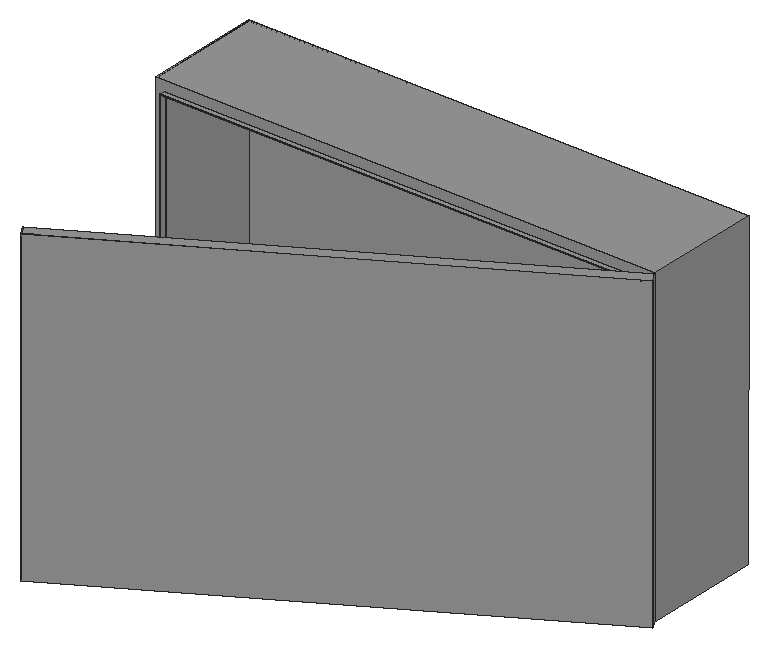
Revit family "Hager-Univers-IP54-D205-H500-Cl.I-Encl-NoHosted-CH-it", category Electrical Equipment, Revit 2020
Family settings
  Panel Configuration = Two Columns, Circuits Across
  Round Connector Dimension = Use Diameter
  Part Type = Panelboard
  Work Plane-Based = Yes
  Always vertical = Yes
  Cut with Voids When Loaded = No
  Shared = No
  Room Calculation Point = No
Parameters (values of type "A parete IP54 L800 A500 P205  - FP33TW2")
  Width Control [instance] = if([EF000008 - Larghezza] > Min Width, [EF000008 - Larghezza], Min Width)  # 800 mm
  Type Comments = [HG000003 - Gamma]  # "Univers"
  Thickness Door [instance] = if([EF009171 - spessore materiale porta/coperchio] > 3 mm, 3 mm, [EF009171 - spessore materiale porta/coperchio])  # 1 mm
  Seal Frame Offset [instance] = 17 mm  # constant formula
  Plinth Visibility [instance] = [HG000027 - Altezza dello zoccolo] > 0 mm  # no
  Min Width [instance] = 100 mm  # constant formula
  Min Depth [instance] = (2 * [EF009170 - spessore materiale scatola]) + 1 mm  # 3 mm
  Min Height [instance] = 100 mm  # constant formula
  Internal Frame Depth [instance] = (Door System Depth * 0.5)  # 9 mm
  Panel Name [instance] = ""  # (empty or 0)
  Model = ""
  HG000027 - Altezza dello zoccolo = 0 mm
  HG000026 - A pavimento = no
  HG000024 - Altezza della sezione inferiore = 600 mm
  HG000023 - Custodia a doppia sezione = no
  HG000016 - Visibilità delle porte nella vista 3D [instance] = yes
  HG000015 - Visibilità attraverso la porta [instance] = no
  HG000014 - Porta destra [instance] = yes
  HG000013 - Porta sinistra [instance] = not([HG000014 - Porta destra])  # no
  HG000012 - Angolo di apertura della porta [instance] = 30.00°
  HG000010 - Porte asimmetriche = no
  HG000009 - Porta doppia a battente = no
  HG000006 - Ad incasso = no
  HG000004 - Codice produttore = "FP33TW2"
  HG000003 - Gamma = "Univers"
  HG000002 - Con porta = yes
  Frame Offset Bottom [instance] = 10 mm  # constant formula
  Frame Offset [instance] = 15 mm  # constant formula
  EF015940 - Coprire con rilascio di sovrapressione = no
  EF011959 - tipo di protezione (NEMA) = ""
  EF009554 - numero delle aperture per la piastra della flangia = 6
  EF009212 - esecuzione coperchio = "EV000116 - chiuso"
  EF009171 - spessore materiale porta/coperchio = 1 mm
  EF009170 - spessore materiale scatola = 1 mm
  EF008873 - corrente nominale (In) = 250 A
  EF007800 - adatto per parafulmine = no
  EF006306 - con serratura = no
  EF006244 - coperchio/porta trasparente = no
  EF005474 - grado di protezione (IP) = "EV006419 - IP54"
  EF004464 - tipo di porta = "EV002646 - singolo"
  EF004427 - numero di moduli = 108
  EF004293 - resistenza agli urti = "EV006815 - IK09"
  EF003532 - adatto per uso esterno = no
  EF002950 - Numero moduli DIN = 36
  EF001613 - Integrità del circuito = "EV000494 - senza"
  EF001596 - Attacco Lampada = "EV000179 - acciaio"
  EF001131 - profondità interna = 205 mm
  EF001088 - possibilità di applicazione = yes
  EF000437 - numero di ingressi per conduttori = 6
  EF000339 - tipo di copertura = "EV001012 - coperchio"
  EF000266 - numero di file = 3
  EF000218 - profondità di incasso = 205 mm
  EF000118 - con piastra di montaggio = no
  EF000116 - numero RAL = "9010"
  EF000049 - profondità = 205 mm
  EF000040 - Altezza = 500 mm
  EF000008 - Larghezza = 800 mm
  EF000007 - colore = "EV000202 - bianco"
  EF000003 - Tipo di montaggio = "EV000384 - A parete"
  Door System Leaf Tolerance [instance] = 1.5 mm  # constant formula
  Door System Depth [instance] = 18 mm  # constant formula
  Door Height [instance] = Height Control - [HG000027 - Altezza dello zoccolo]  # 500 mm
  Description = ""
  Default Elevation = 1219.2 mm
  Connector Offset [instance] = Height Control / 2  # 250 mm
  Manufacturer = "Hager"  # constant formula
  Height Control [instance] = if([EF000040 - Altezza] > Min Height, [EF000040 - Altezza], Min Height)  # 500 mm
  Depth Control [instance] = if([EF000049 - profondità] > Min Depth, [EF000049 - profondità], Min Depth)  # 205 mm
  Bottom Top Plate Trim [instance] = 1.5 mm  # constant formula
  Plinth height Ctrl [instance] = if([HG000027 - Altezza dello zoccolo] > 0 mm, [HG000027 - Altezza dello zoccolo], 12 mm)  # 12 mm
Types (5, lengths in mm): name | Width Control | HG000004 - Codice produttore | EF009554 - numero delle aperture per la piastra della flangia | EF004464 - tipo di porta | EF004427 - numero di moduli | EF002950 - Numero moduli DIN | EF000437 - numero di ingressi per conduttori | EF000008 - Larghezza
  A parete IP54 L1050 A500 P205  - FP34TW2 | 1050 | "FP34TW2" | 8 | "EV003602 - doppio" | 144 | 48 | 8 | 1050
  A parete IP54 L1300 A500 P205  - FP35TW2 | 1300 | "FP35TW2" | 10 | "EV003602 - doppio" | 180 | 60 | 10 | 1300
  A parete IP54 L300 A500 P205  - FP31TW2 | 300 | "FP31TW2" | 2 | "EV002646 - singolo" | 36 | 12 | 2 | 300
  A parete IP54 L550 A500 P205  - FP32TW2 | 550 | "FP32TW2" | 4 | "EV002646 - singolo" | 72 | 24 | 4 | 550
  A parete IP54 L800 A500 P205  - FP33TW2 | 800 | "FP33TW2" | 6 | "EV002646 - singolo" | 108 | 36 | 6 | 800
Reference planes
  plane 1 "Center (Front/Back)": y = 0
  plane 2: z = 0
  plane 3 "Center (Left/Right)": x = 0
  plane 4: y = 0
  plane 5: y = 0
  plane 6: z = 0
  plane 7: x = -400
  plane 8: x = 400
  plane 9: x = 399
  plane 10: x = -399
  plane 11: z = 0
  plane 12: z = 1
  plane 13: y = -205
  plane 14: y = -1
  plane 15: x = 0
  plane 16: y = -187
  plane 17: y = -204
  plane 18: y = -186
  plane 19: x = -384
  plane 20: x = 384
  plane 21: z = 11
  plane 22: x = -383
  plane 23: x = 383
  plane 24: z = 0
  plane 25: z = 500
  plane 26: z = 500
  plane 27: z = 484
  plane 28: z = 499
Forms (mm)
  Extrusion 1, solid, material "Hager_Steel_RAL7035_Light_Grey", detail levels medium+fine
    sketch origin (-208.679, -4572, 0) x (-1, 0, 0) y (0, -1, 0)
      loop
        line (191.321, -4385) -> (-608.679, -4385) -> (-608.679, -4572) -> (191.321, -4572) -> (191.321, -4385)
    from 0 to 500
  Extrusion 2, void
    sketch origin (-350.771, -205, 1219.2) x (1, 0, 0) y (0, 0, 1)
      loop
        line (-48.229, -720.2) -> (-48.229, -1218.2) -> (749.771, -1218.2) -> (749.771, -720.2) -> (-48.229, -720.2)
    from -19 to -204
  Extrusion 3, void
    sketch origin (-290.084, -187, 1219.2) x (1, 0, 0) y (0, 0, 1)
      loop
        line (-93.916, -1208.2) -> (674.084, -1208.2) -> (674.084, -735.2) -> (-93.916, -735.2) -> (-93.916, -1208.2)
    from 0 to -1
  Extrusion 4, solid, material "Hager_Steel_RAL7035_Light_Grey", visible <- "Plinth Visibility", detail levels medium+fine
    sketch origin (0, 0, 0) x (1, 0, 0) y (0, 1, 0)
      loop
        line (-400, 0) -> (-400, -187) -> (400, -187) -> (400, 0) -> (-400, 0)
    from 0 to 12 <- "Plinth height Ctrl"
  Extrusion 5, solid, material "Hager_Steel_RAL7035_Light_Grey", detail levels coarse
    sketch origin (0, 0, 0) x (1, 0, 0) y (0, 1, 0)
      loop
        line (-400, 0) -> (-400, -205) -> (400, -205) -> (400, 0) -> (-400, 0)
    from 0 to 500 <- "Height Control"
  Sweep 6, void
    path in 3D
      loop
        line (-400, -187, 12) -> (400, -187, 12) -> (400, 0, 12) -> (-400, 0, 12) -> (-400, -187, 12)
    profile origin (-400, -93.5, 12) x (1, 0, 0) y (0, 0, 1)
      loop
        line (0, 0) -> (0, -1.5) -> (1.5, -1.5)
        arc (1.5, -1.5) -> (1.061, -0.439) -> (0, 0) r 1.5
  Extrusion 7, solid, material "Hager_Steel_RAL7035_Light_Grey", detail levels fine
    sketch origin (-400, -187, 0) x (1, 0, 0) y (0, 0, 1)
      loop
        line (16, 11) -> (784, 11) -> (784, 484) -> (16, 484) -> (16, 11)
      loop
        line (15, 10) -> (785, 10) -> (785, 485) -> (15, 485) -> (15, 10)
    from 0 to 9 <- "Internal Frame Depth"
Cuts and joins
  Extrusion 2, Extrusion 3 cuts Extrusion 1
  Sweep 6 cuts Extrusion 4
Lines and regions (mm)
  Masking region 1
    outline origin (0, 0, 0) x (1, 0, 0) y (0, 1, 0)
      loop
        line (-400, 0) -> (-400, -205) -> (400, -205) -> (400, 0) -> (-400, 0)
  Masking region 2, detail levels coarse
    outline origin (-290.084, -187, 1219.2) x (-1, 0, 0) y (0, 0, 1)
      loop
        line (-690.084, -1219.2) -> (109.916, -1219.2) -> (109.916, -719.2) -> (-690.084, -719.2) -> (-690.084, -1219.2)
  Masking region 3, detail levels coarse
    outline origin (0, 0, 0) x (0, 1, 0) y (0, 0, 1)
      loop
        line (0, 0) -> (0, 500) -> (-205, 500) -> (-205, 0) -> (0, 0)
  Masking region 4, visible <- "Plinth Visibility", detail levels medium+fine
    outline origin (0, 0, 0) x (0, 1, 0) y (0, 0, 1)
      loop
        line (-1.5, 12) -> (-185.5, 12)
        arc (-185.5, 12) -> (-185.939, 10.939) -> (-187, 10.5) r 1.5
        line (-187, 10.5) -> (-187, 0) -> (0, 0) -> (0, 10.5)
        arc (0, 10.5) -> (-1.061, 10.939) -> (-1.5, 12) r 1.5
  Masking region 5, detail levels medium+fine
    outline origin (0, 0, 594.038) x (0, 1, 0) y (0, 0, 1)
      loop
        line (0, -594.038) -> (0, -94.038) -> (-187, -94.038) -> (-187, -594.038) -> (0, -594.038)
  Masking region 6, detail levels medium+fine
    outline origin (-359.7, -187, 1211.883) x (-1, 0, 0) y (0, 0, 1)
      loop
        line (-759.7, -1211.883) -> (40.3, -1211.883) -> (40.3, -711.883) -> (-759.7, -711.883) -> (-759.7, -1211.883)
  Masking region 7, visible <- "Plinth Visibility", detail levels medium+fine
    outline origin (-320.334, -187, 1041.368) x (-1, 0, 0) y (0, 0, 1)
      loop
        line (-720.334, -1041.368) -> (79.666, -1041.368) -> (79.666, -1030.868)
        arc (79.666, -1030.868) -> (78.606, -1030.429) -> (78.166, -1029.368) r 1.5
        line (78.166, -1029.368) -> (-718.834, -1029.368)
        arc (-718.834, -1029.368) -> (-719.273, -1030.429) -> (-720.334, -1030.868) r 1.5
        line (-720.334, -1030.868) -> (-720.334, -1041.368)
  sketch lines
    curve 1: line (-400, 0, 12) -> (-400, -187, 12)
    curve 2: line (-400, -187, 12) -> (400, -187, 12)
    curve 3: line (400, 0, 12) -> (-400, 0, 12)
    curve 4: line (400, -187, 12) -> (400, 0, 12)
Dimensions and locks
  locked: plane 1 "Center (Front/Back)" to plane 5
  "EF009170 - spessore materiale scatola": plane 7 to plane 10
  "EF009170 - spessore materiale scatola": plane 8 to plane 9
  equal spacing: plane 7, plane 3 "Center (Left/Right)", plane 8
  "Width Control": plane 7 to plane 8
  "Depth Control": plane 4 to plane 13
  "EF009170 - spessore materiale scatola": plane 4 to plane 14
  "Height Control": plane 25 to level
  "HG000027 - Altezza dello zoccolo": plane 11 to level
  "EF009170 - spessore materiale scatola": plane 12 to plane 11
  "EF009170 - spessore materiale scatola": plane 17 to plane 13
  "EF009170 - spessore materiale scatola": plane 18 to plane 16
  "Frame Offset Bottom": plane 21 to plane 12
  "Frame Offset": plane 10 to plane 19
  "Frame Offset": plane 9 to plane 20
  "Door System Depth": plane 16 to plane 13
  "Seal Frame Offset": plane 7 to plane 22
  "Seal Frame Offset": plane 8 to plane 23
  "EF009170 - spessore materiale scatola": plane 26 to plane 28
  "Frame Offset": plane 28 to plane 27
  "Connector Offset": plane 2 to connector elem
  "Bottom Top Plate Trim": profile plane to Sweep 6 sketch curve
  "Bottom Top Plate Trim": Sweep 6 sketch curve to Sweep 6 sketch curve
  "Plinth height Ctrl": Masking region 4 sketch curve to level
  "Plinth height Ctrl": Masking region 7 sketch curve to level
  "Thickness Door": Extrusion 7 sketch curve to Extrusion 7 sketch curve  (x4)
  "Bottom Top Plate Trim": radius of Sweep 6 sketch curve
  "Bottom Top Plate Trim": radius of Masking region 4 sketch curve  (x2)
  "Bottom Top Plate Trim": radius of Masking region 7 sketch curve  (x2)
  aligned and locked: Extrusion 2 sketch curve to plane 12
  aligned and locked: Extrusion 2 sketch curve to plane 9
  aligned and locked: Extrusion 2 sketch curve to plane 10
  aligned and locked: Extrusion 2 to plane 14
  aligned and locked: Extrusion 1 sketch curve to plane 4
  aligned and locked: plane 8 to Extrusion 1 sketch curve
  aligned and locked: plane 7 to Extrusion 1 sketch curve
  aligned and locked: Extrusion 2 to plane 18
  aligned and locked: plane 19 to Extrusion 3 sketch curve
  aligned and locked: plane 20 to Extrusion 3 sketch curve
  aligned and locked: Extrusion 3 to Extrusion 2
  aligned and locked: Extrusion 3 sketch curve to plane 21
  aligned and locked: plane 3 "Center (Left/Right)" to nested 1
  aligned and locked: Extrusion 1 sketch curve to plane 16
  aligned and locked: Extrusion 4 sketch curve to cut or joined group of Extrusion 1, Extrusion 2, Extrusion 3
  aligned and locked: Masking region 1 sketch curve to plane 7
  aligned and locked: Masking region 1 sketch curve to plane 5
  aligned and locked: Masking region 1 sketch curve to plane 8
  aligned and locked: Masking region 2 sketch curve to level
  aligned and locked: level to Masking region 3 sketch curve
  aligned and locked: plane 1 "Center (Front/Back)" to Masking region 3 sketch curve
  aligned and locked: plane 13 to Masking region 3 sketch curve
  aligned and locked: plane 5 to Masking region 4 sketch curve
  aligned and locked: Masking region 2 sketch curve to plane 8
  aligned and locked: Masking region 2 sketch curve to plane 7
  aligned and locked: plane 7 to nested 2
  aligned and locked: nested 2 to plane 5
  aligned and locked: plane 5 to Masking region 5 sketch curve
  aligned and locked: plane 26 to Masking region 5 sketch curve
  aligned and locked: Extrusion 5 sketch curve to plane 8
  aligned and locked: Extrusion 5 sketch curve to plane 7
  aligned and locked: Extrusion 5 sketch curve to plane 5
  aligned and locked: Extrusion 3 sketch curve to plane 27
  aligned and locked: Extrusion 2 sketch curve to plane 28
  aligned and locked: Masking region 2 to plane 25
  aligned and locked: Extrusion 4 to plane 16
  aligned and locked: profile plane to Sweep 6 sketch curve
  aligned and locked: Masking region 5 sketch curve to plane 24
  aligned and locked: level to Masking region 4 sketch curve
  aligned and locked: Masking region 1 to plane 13
  aligned and locked: nested 1 to plane 16
  aligned and locked: Masking region 3 to plane 25
  aligned and locked: plane 16 to Masking region 4 sketch curve
  aligned and locked: Masking region 5 sketch curve to plane 16
  aligned and locked: plane 24 to plane 11
  aligned and locked: plane 26 to plane 25
  aligned and locked: plane 26 to cut or joined group of Extrusion 1, Extrusion 2, Extrusion 3
  aligned and locked: nested 1 to plane 24
  aligned and locked: Extrusion 1 to Extrusion 3
  aligned and locked: Masking region 6 sketch curve to plane 8
  aligned and locked: Masking region 6 sketch curve to plane 24
  aligned and locked: Masking region 6 sketch curve to plane 7
  aligned and locked: Masking region 6 sketch curve to plane 26
  aligned and locked: Masking region 7 sketch curve to plane 7
  aligned and locked: level to Masking region 7 sketch curve
  aligned and locked: Masking region 7 sketch curve to plane 8
  aligned and locked: Extrusion 7 sketch curve to cut or joined group of Extrusion 1, Extrusion 2, Extrusion 3  (x4)
Automatic sketch dimensions
  plane 19 to Extrusion 3 sketch curve = 0 mm
  Extrusion 3 sketch curve to plane 20 = 0 mm
  Extrusion 3 sketch curve to plane 21 = 0 mm
  Extrusion 4 sketch curve to plane 7 = 0 mm
  Extrusion 4 sketch curve to plane 8 = 0 mm
  Extrusion 4 sketch curve to plane 16 = 0 mm
  Masking region 1 sketch curve to plane 13 = 0 mm
  Masking region 2 sketch curve to plane 25 = 0 mm
  Masking region 3 sketch curve to plane 25 = 0 mm
  Extrusion 5 sketch curve to plane 13 = 0 mm
  profile plane to Sweep 6 sketch curve = 0 mm
Nested families
  nested 1: "EC000058_Univers_Door" at (0, -187, 0), Double <- "HG000009 - Porta doppia a battente", Transparent <- "EF006244 - coperchio/porta trasparente", Angle <- "HG000012 - Angolo di apertura della porta", Door_Right <- "HG000014 - Porta destra", Assymetrical <- "HG000010 - Porte asimmetriche", Door <- "HG000002 - Con porta", Width_Ctrl <- "Width Control", 3d_Door <- "HG000016 - Visibilità delle porte nella vista 3D", Clearance <- "HG000015 - Visibilità attraverso la porta", Door_Left <- "HG000013 - Porta sinistra", Width <- "Width Control", Door_Depth <- "Door System Depth", Leaf_Tolerance <- "Door System Leaf Tolerance", Height <- "Door Height", Lock_Visibility <- "EF006306 - con serratura", Thickness <- "Thickness Door", type "EC000058_Univers_Door", detail levels medium+fine
    with min_wh 3 mm, Width_Ctrl 800 mm, Width 800 mm, Transparent no, Thickness 1 mm, Seal_Material Hager_Rubber, Lock_Visibility no, Lock_Material Hager_Plastic_RAL9005_Jet_Black, Leaf_Width 800 mm, Leaf_Tolerance_External_Sides 0 mm, Leaf_Tolerance 1.5 mm, Leaf_Offset 0 mm, Leaf_Height 497 mm, Leaf_2_Width 800 mm, Leaf_2_Offset 400 mm, Leaf_1_Width 800 mm, Leaf_1_Offset 400 mm, Height_Ctrl 500 mm, Height 500 mm, Glass_Material Hager_Glass, Double_Clearance_Ctrl no, Double no, Door_Right_Ctrl yes, Door_Right yes, Door_Material Hager_Steel_RAL7035_Light_Grey, Door_Left_Ctrl no, Door_Left no, Door_Depth 18 mm, Door yes, Clearance_Material Hager_Clearance, Clearance_Depth 800 mm, Clearance_Ctrl no, Clearance no, Assymetrical no, Angle 30.00°, 3d_Door yes
  nested 2: "Hager_Enclosure_Symbol" at (-400, 0, 0), Height <- "Depth Control", Width <- "Width Control", type "Hager_Enclosure_Symbol"
    with Width_Ctrl 800 mm, Width 800 mm, Height_Ctrl 205 mm, Height 205 mm, A_Width_Int 13.453 mm, A_Width 161.438 mm, A_Height_Ctrl 179.375 mm, A_Height 179.375 mm
Connectors
  electrical at (0, 0, 250)
    settings: on plane 1 "Center (Front/Back)", index 1, voltage 0 V, apparent load 0 VA, apparent load phase1 0 VA, apparent load phase2 0 VA, apparent load phase3 0 VA, power factor 1, load classification "Other", number of poles 1, system type 30, power factor state 1, is connector primary yes, connector utility no, sub classification motor no, connector description ""
Definition of nested family "EC000058_Univers_Door"
  Parameters (values of type "EC000058_Univers_Door")
    min_wh [instance] = (2 * Thickness) + 1 mm  # 11 mm
    Width_Ctrl [instance] = 400 mm
    Width [instance] = 500 mm
    Transparent [instance] = yes
    Thickness [instance] = 5 mm
    Seal_Material [instance] = none
    Lock_Visibility [instance] = yes
    Lock_Material [instance] = none
    Leaf_Width [instance] = if((Width_Ctrl - 2 * Leaf_Tolerance_External_Sides) > 0 mm, (Width_Ctrl - 2 * Leaf_Tolerance_External_Sides), min_wh)  # 400 mm
    Leaf_Tolerance_External_Sides [instance] = 0 mm  # constant formula
    Leaf_Tolerance [instance] = 1.5 mm
    Leaf_Offset [instance] = 0 mm  # constant formula
    Leaf_Height [instance] = if((Height_Ctrl - 2 * Leaf_Tolerance) > 0 mm, (Height_Ctrl - 2 * Leaf_Tolerance), min_wh)  # 497 mm
    Leaf_2_Width [instance] = if(and(and(Double, Assymetrical), Door_Left), (Leaf_Width / 3) - (Leaf_Tolerance / 2), if(and(and(Double, Assymetrical), Door_Right), (Leaf_Width / 3) * 2 - (Leaf_Tolerance / 2), if(and(Double, not(Assymetrical)), (Leaf_Width / 2) - Leaf_Tolerance, Leaf_Width)))  # 400 mm
    Leaf_2_Offset [instance] = if(and(Double, Assymetrical), Leaf_2_Width / 2, if(and(Double, not(Assymetrical)), Leaf_Width / 4, Leaf_Width / 2))  # 200 mm
    Leaf_1_Width [instance] = if(and(and(Double, Assymetrical), Door_Right), (Leaf_Width / 3) - (Leaf_Tolerance / 2), if(and(and(Double, Assymetrical), Door_Left), (Width / 3) * 2 - (Leaf_Tolerance / 2), if(and(Double, not(Assymetrical)), (Leaf_Width / 2) - Leaf_Tolerance, Leaf_Width)))  # 400 mm
    Leaf_1_Offset [instance] = if(and(Double, Assymetrical), Leaf_1_Width / 2, if(and(Double, not(Assymetrical)), Leaf_Width / 4, Leaf_Width / 2))  # 200 mm
    Height_Ctrl [instance] = if(Height > min_wh, Height, min_wh)  # 500 mm
    Height [instance] = 500 mm
    Glass_Material [instance] = none
    Double_Clearance_Ctrl [instance] = and(Double, Clearance)  # no
    Double [instance] = no
    Door_Right_Ctrl [instance] = and(or(Door_Right, Double), Door)  # yes
    Door_Right [instance] = yes
    Door_Material [instance] = none
    Door_Left_Ctrl [instance] = and(or(Door_Left, Double), Door)  # no
    Door_Left [instance] = no
    Door_Depth [instance] = 30 mm
    Door [instance] = yes
    Default Elevation = 1219.2 mm
    Clearance_Material [instance] = none
    Clearance_Depth [instance] = if(Leaf_1_Width > Leaf_2_Width, Leaf_1_Width, Leaf_2_Width)  # 400 mm
    Clearance_Ctrl [instance] = and(not(Double), Clearance)  # yes
    Clearance [instance] = yes
    Assymetrical [instance] = yes
    Angle [instance] = 30.00°
    3d_Door [instance] = yes
  Reference planes
    plane 1 "Center (Front/Back)": y = 0
    plane 2 "Bottom": z = 0
    plane 3 "Center (Left/Right)": x = 0
    plane 4: z = 500
    plane 5: x = -200
    plane 6: x = 200
    plane 7: z = 500
    plane 8: x = -200
    plane 9: z = 0
    plane 10: x = 200
    plane 11: y = 0
    plane 12: z = 1.5
    plane 13: x = -600
    plane 14: y = -400
    plane 15: x = 600
    plane 16: x = 0
    plane 17: x = 0
    plane 18: x = -200
    plane 19: x = 200
    plane 20: z = 498.5
  Forms (mm)
    Extrusion 1, solid, material <- "Clearance_Material", visible <- "Double_Clearance_Ctrl"
      sketch origin (1200, 0, 0) x (1, 0, 0) y (0, 0, -1)
        loop
          line (-1800, -498.5) -> (-600, -498.5) -> (-600, 0) -> (-1800, 0) -> (-1800, -498.5)
      from 0 to -400
  Dimensions and locks
    equal spacing: plane 5, plane 3 "Center (Left/Right)", plane 6
    "Width_Ctrl": plane 5 to plane 6
    "Leaf_Offset": plane 5 to plane 8
    "Leaf_Offset": plane 6 to plane 10
    "Leaf_Offset": plane 9 to level
    "Leaf_Offset": plane 4 to plane 7
    "Height_Ctrl": plane 4 to level
    "Leaf_Tolerance": plane 12 to plane 9
    locked: plane 11 to plane 1 "Center (Front/Back)"
    "Leaf_1_Offset": plane 18 to plane 16
    "Leaf_2_Offset": plane 17 to plane 19
    "Leaf_1_Width": plane 13 to plane 8
    "Leaf_2_Width": plane 10 to plane 15
    "Clearance_Depth": plane 14 to plane 1 "Center (Front/Back)"
    "Leaf_Tolerance_External_Sides": plane 8 to plane 18
    "Leaf_Tolerance_External_Sides": plane 19 to plane 10
    "Leaf_Tolerance": plane 7 to plane 20
    aligned and locked: level to plane 2 "Bottom"
    aligned and locked: nested 1 to plane 16
    aligned and locked: nested 2 to plane 17
    aligned and locked: Extrusion 1 to plane 13
    aligned and locked: plane 15 to Extrusion 1
    aligned and locked: Extrusion 1 to plane 14
    aligned and locked: plane 12 to nested 1
    aligned and locked: nested 2 to plane 12
    aligned and locked: Extrusion 1 to plane 11
    aligned and locked: plane 20 to Extrusion 1
    aligned and locked: nested 2 to plane 11
    aligned and locked: nested 1 to plane 11
  Automatic sketch dimensions
    Extrusion 1 sketch curve to level = 0 mm
    plane 5 to Extrusion 1 sketch curve = 400 mm
    plane 6 to Extrusion 1 sketch curve = 400 mm
    Extrusion 1 sketch curve to plane 4 = 1.5 mm
  Nested families
    nested 1: "EC000058_Univers_Door_Leaf" at (0, 0, 1.5), Width <- "Leaf_1_Width", visible <- "Door_Left_Ctrl", Leaf_Height <- "Leaf_Height", Angle <- "Angle", 3d_Door <- "3d_Door", Transparent <- "Transparent", Clearance Material <- "Clearance_Material", Clearance <- "Clearance_Ctrl", Door_Material <- "Door_Material", Glass_Material <- "Glass_Material", Door_Depth <- "Door_Depth", Lock_Material <- "Lock_Material", Seal_Material <- "Seal_Material", Lock_Visibility <- "Lock_Visibility", Thickness <- "Thickness", type "EC000058_Univers_Door_Leaf"
      with Width 400 mm, Transparent_Glass_Offset 30 mm, Transparent_Ctrl yes, Transparent yes, Thickness 5 mm, Standard no, Seal_Material none, Seal_D2 8 mm, Seal_D1 1 mm, Offset_Internal_Frame 10 mm, Lock_Width 20 mm, Lock_Visibility_3d yes, Lock_Visibility yes, Lock_Thickness_3 3 mm, Lock_Thickness_2 1 mm, Lock_Thickness_1 3 mm, Lock_Radius_Offset_2 16 mm, Lock_Radius_Offset_1 15 mm, Lock_Radius_2 5 mm, Lock_Radius 6 mm, Lock_Offset 5 mm, Lock_Material none, Lock_Height 80 mm, Lock_Cover_Top_Offset_2d 17 mm, Lock_Cover_Height -65 mm, Leaf_Height 497 mm, Internal_Seal_Thickness 8 mm, Internal_Seal_Depth_2 4.5 mm, Internal_Frame_Depth 25 mm, Glass_Thickness -1 mm, Glass_Offset -2 mm, Glass_Material none, Door_Material none, Door_Depth 30 mm, Clearance Material none, Clearance yes, Angle_Ctrl 30.00°, Angle 30.00°, 3d_Door yes
    nested 2: "EC000058_Univers_Door_Leaf" at (0, 0, 1.5) x (-1, 0, 0) z (0, 0, 1), Width <- "Leaf_2_Width", visible <- "Door_Right_Ctrl", Leaf_Height <- "Leaf_Height", Angle <- "Angle", 3d_Door <- "3d_Door", Transparent <- "Transparent", Clearance Material <- "Clearance_Material", Clearance <- "Clearance_Ctrl", Door_Material <- "Door_Material", Glass_Material <- "Glass_Material", Door_Depth <- "Door_Depth", Lock_Material <- "Lock_Material", Seal_Material <- "Seal_Material", Lock_Visibility <- "Lock_Visibility", Thickness <- "Thickness", type "EC000058_Univers_Door_Leaf"
      with Width 400 mm, Transparent_Glass_Offset 30 mm, Transparent_Ctrl yes, Transparent yes, Thickness 5 mm, Standard no, Seal_Material none, Seal_D2 8 mm, Seal_D1 1 mm, Offset_Internal_Frame 10 mm, Lock_Width 20 mm, Lock_Visibility_3d yes, Lock_Visibility yes, Lock_Thickness_3 3 mm, Lock_Thickness_2 1 mm, Lock_Thickness_1 3 mm, Lock_Radius_Offset_2 16 mm, Lock_Radius_Offset_1 15 mm, Lock_Radius_2 5 mm, Lock_Radius 6 mm, Lock_Offset 5 mm, Lock_Material none, Lock_Height 80 mm, Lock_Cover_Top_Offset_2d 17 mm, Lock_Cover_Height -65 mm, Leaf_Height 497 mm, Internal_Seal_Thickness 8 mm, Internal_Seal_Depth_2 4.5 mm, Internal_Frame_Depth 25 mm, Glass_Thickness -1 mm, Glass_Offset -2 mm, Glass_Material none, Door_Material none, Door_Depth 30 mm, Clearance Material none, Clearance yes, Angle_Ctrl 30.00°, Angle 30.00°, 3d_Door yes
  Definition of nested family "EC000058_Univers_Door_Leaf"
    Parameters (values of type "EC000058_Univers_Door_Leaf")
      Width [instance] = 2000 mm
      Transparent_Glass_Offset [instance] = 30 mm
      Transparent_Ctrl [instance] = and(Transparent, [3d_Door])  # yes
      Transparent [instance] = yes
      Thickness [instance] = 5 mm
      Standard [instance] = and(not(Transparent), [3d_Door])  # no
      Seal_Material [instance] = none
      Seal_D2 [instance] = 8 mm  # constant formula
      Seal_D1 [instance] = 1 mm  # constant formula
      Offset_Internal_Frame [instance] = 10 mm  # constant formula
      Lock_Width [instance] = 20 mm  # constant formula
      Lock_Visibility_3d [instance] = and(Lock_Visibility, [3d_Door])  # yes
      Lock_Visibility [instance] = yes
      Lock_Thickness_3 [instance] = 3 mm  # constant formula
      Lock_Thickness_2 [instance] = 1 mm  # constant formula
      Lock_Thickness_1 [instance] = 3 mm  # constant formula
      Lock_Radius_Offset_2 [instance] = Lock_Radius_Offset_1 + 1 mm  # 16 mm
      Lock_Radius_Offset_1 [instance] = 15 mm  # constant formula
      Lock_Radius_2 [instance] = Lock_Radius - 1 mm  # 5 mm
      Lock_Radius [instance] = 6 mm  # constant formula
      Lock_Offset [instance] = 5 mm  # constant formula
      Lock_Material [instance] = none
      Lock_Height [instance] = 80 mm  # constant formula
      Lock_Cover_Top_Offset_2d [instance] = Lock_Radius_Offset_2 + 1 mm  # 17 mm
      Lock_Cover_Height [instance] = -(Lock_Height - Lock_Radius_Offset_1)  # -65 mm
      Leaf_Height [instance] = 2720.336 mm
      Internal_Seal_Thickness [instance] = 8 mm  # constant formula
      Internal_Seal_Depth_2 [instance] = 4.5 mm  # constant formula
      Internal_Frame_Depth [instance] = if(Door_Depth - Thickness > 5 mm, Door_Depth - Thickness, 5 mm)  # 25 mm
      Glass_Thickness [instance] = if(Thickness > 15 mm, Glass_Offset + 10 mm, -1 mm)  # -1 mm
      Glass_Offset [instance] = if(Thickness > 15 mm, -(Thickness + 10 mm) / 2, -2 mm)  # -2 mm
      Glass_Material [instance] = none
      Door_Material [instance] = none
      Door_Depth [instance] = 30 mm
      Default Elevation = 0 mm
      Clearance Material [instance] = none
      Clearance [instance] = yes
      Angle_Ctrl [instance] = if(Angle > 180.00°, 180.00°, Angle)  # 90.00°
      Angle [instance] = 90.00°
      3d_Door [instance] = yes
    Reference planes
      plane 1 "Center (Front/Back)": y = 0
      plane 2: z = 0
      plane 3 "Center (Left/Right)": x = 0
      plane 4: y = 2000
      plane 5: x = -1000
      plane 6: x = 1000
      plane 7: x = -3000
      plane 8: z = 2720.336
      plane 9: z = 30
      plane 10: z = 2690.336
      plane 11: x = 970
      plane 12: x = -970
      plane 13: y = -3
      plane 14: z = 107.833
      plane 15: y = -5
      plane 16: y = -223.314
      plane 17: x = -1000
      plane 18: z = 1360.168
      plane 19: y = 30
    Forms (mm)
      Extrusion 1, solid, material <- "Clearance Material", visible <- "Clearance"
        sketch origin (0, 0, 0) x (1, 0, 0) y (0, 0, 1)
          loop
            line (-3000, 2720.336) -> (-3000, 0) -> (1000, 0) -> (1000, 2720.336) -> (-3000, 2720.336)
        from 0 to -2000
      Extrusion 2, solid, material <- "Door_Material", visible <- "Standard", detail levels medium+fine
        sketch origin (-1000, 0, 0) x (0, 1, 0) y (-1, 0, 0)
          loop
            line (0, 30) -> (0, 25) -> (2000, 25) -> (2000, 30) -> (0, 30)
        from 0 to 2720.336 <- "Leaf_Height"
      Extrusion 3, solid, material <- "Door_Material", visible <- "Transparent_Ctrl", detail levels medium+fine
        sketch origin (-1000, 0, 0) x (0, 1, 0) y (-1, 0, 0)
          loop
            line (0, 25) -> (2000, 25) -> (2000, 30) -> (0, 30) -> (0, 25)
        from 0 to 2720.336 <- "Leaf_Height"
      Extrusion 4, void
        sketch origin (-1025, 2000, 0) x (0, 1, 0) y (0, 0, -1)
          loop
            line (-30, -2690.336) -> (-30, -30) -> (-1970, -30) -> (-1970, -2690.336) -> (-30, -2690.336)
        from 0 to 5 <- "Thickness"
      Sweep 5, solid, material <- "Seal_Material", visible <- "Transparent_Ctrl", detail levels fine
        path in 3D
          loop
            line (-1025, 30, 30) -> (-1025, 30, 2690.336) -> (-1025, 1970, 2690.336) -> (-1025, 1970, 30) -> (-1025, 30, 30)
        profile origin (-1025, 1000, 30) x (1, 0, 0) y (0, 0, 1)
          loop
            line (0, 0) -> (0, -8) -> (1, -8) -> (1, 0) -> (0, 0)
      Extrusion 6, solid, material <- "Glass_Material", visible <- "Transparent_Ctrl", detail levels medium+fine
        sketch origin (-1030, 0, 0) x (0, 1, 0) y (0, 0, -1)
          loop
            line (1970, -2690.336) -> (1970, -30) -> (30, -30) -> (30, -2690.336) -> (1970, -2690.336)
        from -2 <- "Glass_Offset" to -1 <- "Glass_Thickness"
      Extrusion 7, solid, material <- "Door_Material", visible <- "3d_Door", detail levels medium+fine
        sketch origin (-1025, 2000, 0) x (0, -1, 0) y (0, 0, -1)
          loop
            line (0, -2720.336) -> (2000, -2720.336) -> (2000, 0) -> (0, 0) -> (0, -2720.336)
          loop
            line (1995, -5) -> (5, -5) -> (5, -2715.336) -> (1995, -2715.336) -> (1995, -5)
        from 0 to 25 <- "Internal_Frame_Depth"
      Sweep 8, solid, material <- "Seal_Material", visible <- "Transparent_Ctrl", detail levels fine
        path in 3D
          loop
            line (-1025, 0, 0) -> (-1025, 2000, 0) -> (-1025, 2000, 2720.336) -> (-1025, 0, 2720.336) -> (-1025, 0, 0)
        profile origin (-1025, 0, 1360.168) x (1, 0, 0) y (0, 1, 0)
          loop
            line (0, 10) -> (2.975, 10)
            arc (2.975, 10) -> (4.053, 10.447) -> (4.5, 11.525) r 1.525
            line (4.5, 11.525) -> (4.5, 16.527)
            arc (4.5, 16.527) -> (4.069, 17.569) -> (3.027, 18) r 1.473
            line (3.027, 18) -> (0, 18) -> (0, 10)
      Extrusion 9, solid, material <- "Lock_Material", visible <- "Lock_Visibility_3d", detail levels fine
        sketch origin (-1030, 0, 0) x (0, 1, 0) y (0, 0, -1)
          loop
            arc (1993.5, -1400.168) -> (1994.561, -1399.729) -> (1995, -1398.668) r 1.5
            line (1995, -1398.668) -> (1995, -1320.168) -> (1975, -1320.168) -> (1975, -1398.668)
            arc (1975, -1398.668) -> (1975.439, -1399.729) -> (1976.5, -1400.168) r 1.5
            line (1976.5, -1400.168) -> (1993.5, -1400.168)
        from 3 <- "Lock_Thickness_1" to 0
      Blend 10, solid, material <- "Lock_Material", visible <- "Lock_Visibility_3d", detail levels fine
        base sketch origin (-1033, 0, 0) x (0, 1, 0) y (0, 0, -1)
          loop
            line (1975, -1320.168) -> (1975, -1398.668)
            arc (1975, -1398.668) -> (1975.439, -1399.729) -> (1976.5, -1400.168) r 1.5
            line (1976.5, -1400.168) -> (1993.5, -1400.168)
            arc (1993.5, -1400.168) -> (1994.561, -1399.729) -> (1995, -1398.668) r 1.5
            line (1995, -1398.668) -> (1995, -1320.168) -> (1975, -1320.168)
        top sketch origin (-1033, 0, 0) x (0, 1, 0) y (0, 0, -1)
          loop
            line (1976, -1320.168) -> (1976, -1398.668)
            arc (1976, -1398.668) -> (1976.146, -1399.022) -> (1976.5, -1399.168) r 0.5
            line (1976.5, -1399.168) -> (1993.5, -1399.168)
            arc (1993.5, -1399.168) -> (1993.854, -1399.022) -> (1994, -1398.668) r 0.5
            line (1994, -1398.668) -> (1994, -1320.168) -> (1976, -1320.168)
        from 0 to 1 <- "Lock_Thickness_2"
      Blend 11, solid, material <- "Lock_Material", visible <- "Lock_Visibility_3d", detail levels fine
        base sketch origin (-1034, 0, 0) x (0, 1, 0) y (0, 0, -1)
          loop
            line (1978, -1320.168) -> (1978, -1384.168)
            arc (1978, -1384.168) -> (1985, -1391.168) -> (1992, -1384.168) r 7
            line (1992, -1384.168) -> (1992, -1320.168) -> (1978, -1320.168)
        top sketch origin (-1034, 0, 0) x (0, 1, 0) y (0, 0, -1)
          loop
            line (1991, -1320.168) -> (1979, -1320.168) -> (1979, -1383.168)
            arc (1979, -1383.168) -> (1985, -1389.168) -> (1991, -1383.168) r 6
            line (1991, -1383.168) -> (1991, -1320.168)
        from 0 to 3 <- "Lock_Thickness_3"
      Extrusion 12, solid, material <- "Lock_Material", visible <- "Lock_Visibility_3d", detail levels fine
        sketch origin (-1030, 1975, 1320.168) x (1, 0, 0) y (0, -1, 0)
          loop
            line (-7, -19) -> (-7, -1) -> (0, -1) -> (0, 0) -> (-8, 0) -> (-8, -20) -> (0, -20) -> (0, -19) -> (-7, -19)
        from 0 to -65 <- "Lock_Cover_Height"
      Extrusion 13, void
        sketch origin (-1038, 1995, 1320.168) x (-1, 0, 0) y (0, 0, -1)
          loop
            line (-5, -65) -> (0, -65) -> (-5, -60) -> (-5, -65)
        from 0 to 20 <- "Lock_Width"
      Extrusion 14, void
        sketch origin (-1038, 1975, 1320.168) x (0, -1, 0) y (0, 0, -1)
          loop
            circle (-10, -15.995) r 6
          loop
            circle (-10, -15.995) r 5
        from 0 to 2
      Extrusion 15, solid, material <- "Lock_Material", visible <- "Lock_Visibility_3d", detail levels medium
        sketch origin (-1030, 0, 0) x (0, 1, 0) y (0, 0, -1)
          loop
            arc (1993.5, -1400.168) -> (1994.561, -1399.729) -> (1995, -1398.668) r 1.5
            line (1995, -1398.668) -> (1995, -1320.168) -> (1975, -1320.168) -> (1975, -1398.668)
            arc (1975, -1398.668) -> (1975.439, -1399.729) -> (1976.5, -1400.168) r 1.5
            line (1976.5, -1400.168) -> (1993.5, -1400.168)
        from 8 to 0
    Cuts and joins
      Extrusion 4 cuts Extrusion 3
      Extrusion 13, Extrusion 14 cuts Extrusion 9
      Extrusion 14 cuts Blend 11
      Extrusion 13, Extrusion 14 cuts Extrusion 12
      joined: Extrusion 9, Blend 10, Blend 11, Extrusion 12
      Extrusion 14 cuts Extrusion 15
    Lines and regions (mm)
      Masking region 1, visible <- "Lock_Visibility", detail levels fine
        outline origin (0, 0, 0) x (0, 1, 0) y (0, 0, 1)
          loop
            line (30, 1320.168) -> (33, 1320.168) -> (33, 1400.168) -> (30, 1400.168) -> (30, 1320.168)
      Masking region 2, visible <- "Lock_Visibility", detail levels fine
        outline origin (0, 3.143, 0) x (0, 1, 0) y (0, 0, 1)
          loop
            line (29.857, 1354.168) -> (30.857, 1354.168) -> (30.857, 1366.168) -> (29.857, 1366.168) -> (29.857, 1354.168)
      Masking region 3, detail levels medium+fine
        outline origin (0, 0, 0) x (0, 1, 0) y (0, 0, 1)
          loop
            line (0, 0) -> (30, 0) -> (30, 2720.336) -> (0, 2720.336) -> (0, 0)
      Masking region 4, detail levels medium+fine
        outline origin (0, 0, 0) x (1, 0, 0) y (0, 0, 1)
          loop
            line (-1000, 2720.336) -> (-1000, 0) -> (1000, 0) -> (1000, 2720.336) -> (-1000, 2720.336)
      Masking region 5, visible <- "Lock_Visibility", detail levels fine
        outline origin (-47.116, 0, 0) x (1, 0, 0) y (0, 0, 1)
          loop
            arc (1024.616, 1399.168) -> (1023.556, 1398.729) -> (1023.116, 1397.668) r 1.5
            line (1023.116, 1397.668) -> (1023.116, 1320.168) -> (1041.116, 1320.168) -> (1041.116, 1397.668)
            arc (1041.116, 1397.668) -> (1040.677, 1398.729) -> (1039.616, 1399.168) r 1.5
            line (1039.616, 1399.168) -> (1024.616, 1399.168)
      Masking region 6, visible <- "Lock_Visibility", detail levels medium+fine
        outline origin (-25, 0, 0) x (1, 0, 0) y (0, 0, 1)
          loop
            arc (1001.5, 1400.168) -> (1000.439, 1399.729) -> (1000, 1398.668) r 1.5
            line (1000, 1398.668) -> (1000, 1320.168) -> (1020, 1320.168) -> (1020, 1398.668)
            arc (1020, 1398.668) -> (1019.561, 1399.729) -> (1018.5, 1400.168) r 1.5
            line (1018.5, 1400.168) -> (1001.5, 1400.168)
      Masking region 7, visible <- "Lock_Visibility", detail levels fine
        outline origin (-73.735, 0, 0) x (1, 0, 0) y (0, 0, 1)
          loop
            line (1051.735, 1382.168) -> (1065.735, 1382.168) -> (1065.735, 1384.168)
            arc (1065.735, 1384.168) -> (1058.735, 1391.168) -> (1051.735, 1384.168) r 7
            line (1051.735, 1384.168) -> (1051.735, 1382.168)
      Masking region 8, visible <- "Lock_Visibility", detail levels fine
        outline origin (-73.735, 0, 0) x (1, 0, 0) y (0, 0, 1)
          loop
            line (1052.735, 1382.168) -> (1064.735, 1382.168) -> (1064.735, 1383.168)
            arc (1064.735, 1383.168) -> (1058.735, 1389.168) -> (1052.735, 1383.168) r 6
            line (1052.735, 1383.168) -> (1052.735, 1382.168)
      Masking region 9, visible <- "Lock_Visibility", detail levels fine
        outline origin (-25, 0, 0) x (1, 0, 0) y (0, 0, 1)
          loop
            line (1020, 1320.168) -> (1020, 1382.168) -> (1000, 1382.168) -> (1000, 1320.168) -> (1020, 1320.168)
      Masking region 10, detail levels medium+fine
        outline origin (0, 0, 0) x (1, 0, 0) y (0, 0, 1)
          loop
            circle (985, 1335.144) r 6
      Masking region 11, detail levels fine
        outline origin (0, 0, 0) x (1, 0, 0) y (0, 0, 1)
          loop
            circle (985, 1335.144) r 5
      Masking region 12, visible <- "Lock_Visibility", detail levels fine
        outline origin (0, 12.767, 0) x (0, 1, 0) y (0, 0, 1)
          loop
            line (20.233, 1320.168) -> (21.233, 1320.168) -> (21.233, 1399.168) -> (20.233, 1400.168) -> (20.233, 1320.168)
      Masking region 13, visible <- "Lock_Visibility", detail levels fine
        outline origin (0, 13.767, -10) x (0, 1, 0) y (0, 0, 1)
          loop
            line (20.233, 1330.168) -> (23.233, 1330.168) -> (23.233, 1399.168) -> (20.233, 1402.168) -> (20.233, 1330.168)
      Masking region 14, visible <- "Lock_Visibility", detail levels fine
        outline origin (0, 12.767, -10) x (0, 1, 0) y (0, 0, 1)
          loop
            line (20.233, 1330.168) -> (25.233, 1330.168) -> (25.233, 1399.305) -> (20.233, 1394.305) -> (20.233, 1330.168)
      Masking region 15, visible <- "Lock_Visibility", detail levels medium
        outline origin (0, 0, 0) x (0, 1, 0) y (0, 0, 1)
          loop
            line (30, 1320.168) -> (38, 1320.168) -> (38, 1400.168) -> (30, 1400.168) -> (30, 1320.168)
      Masking region 16, visible <- "Lock_Visibility", detail levels fine
        outline origin (-1000, 0, 0) x (0, 1, 0) y (-1, 0, 0)
          loop
            line (1975, 30) -> (1995, 30) -> (1995, 38) -> (1975, 38) -> (1975, 30)
          loop
            line (1979, 37) -> (1976, 37) -> (1976, 34) -> (1978, 34) -> (1979, 37)
          loop
            line (1994, 37) -> (1991, 37) -> (1992, 34) -> (1994, 34) -> (1994, 37)
      Masking region 17, visible <- "Lock_Visibility", detail levels medium
        outline origin (-1000, 0, 0) x (0, 1, 0) y (-1, 0, 0)
          loop
            line (1975, 30) -> (1995, 30) -> (1995, 38) -> (1975, 38) -> (1975, 30)
      symbolic lines
        curve 1: line (1000, 0, 0) -> (-3000, 0, 0)
        curve 2: arc (1000, 0, 0) -> (-1000, 2000, 0) -> (-3000, 0, 0) r 2000
        curve 4: line (-1030, 0, 0) -> (-1030, 2000, 0)
      reference lines
        curve 3: line (-1000, 0, 0) -> (-1000, 2000, 0)
      symbolic lines, detail levels medium+fine
        curve 5: line (-1030, 2000, 0) -> (-1025, 2000, 0)
        curve 7: line (-1025, 0, 0) -> (-1030, 0, 0)
        curve 8: line (-1025, 0, 0) -> (-1000, 0, 0)
        curve 9: line (-1000, 0, 0) -> (-1000, 2000, 0)
        curve 10: line (-1000, 2000, 0) -> (-1025, 2000, 0)
      symbolic lines, detail levels fine
        curve 6: line (-1025, 2000, 0) -> (-1025, 0, 0)
      sketch lines
        curve 11: line (-1025, 0, 2720.336) -> (-1025, 0, 0)
        curve 12: line (-1025, 2000, 0) -> (-1025, 0, 0)
        curve 13: line (-1025, 2000, 2720.336) -> (-1025, 2000, 0)
        curve 14: line (-1025, 0, 2720.336) -> (-1025, 2000, 2720.336)
        curve 15: line (-1025, 1970, 30) -> (-1025, 30, 30)
        curve 16: line (-1025, 30, 30) -> (-1025, 30, 2690.336)
        curve 17: line (-1025, 1970, 2690.336) -> (-1025, 1970, 30)
        curve 18: line (-1025, 30, 2690.336) -> (-1025, 1970, 2690.336)
      symbolic lines, visible <- "Transparent", detail levels medium+fine
        curve 19: line (-970, 0, 2690.336) -> (970, 0, 2690.336)
        curve 20: line (-970, 0, 30) -> (-970, 0, 2690.336)
        curve 21: line (970, 0, 30) -> (-970, 0, 30)
        curve 22: line (970, 0, 2690.336) -> (970, 0, 30)
    Dimensions and locks
      "Width": plane 1 "Center (Front/Back)" to plane 4
      equal spacing: plane 5, plane 3 "Center (Left/Right)", plane 6
      "Width": plane 5 to plane 6
      "Width": plane 7 to plane 5
      "Leaf_Height": plane 8 to level
      "Width": curve 5 to curve 3
      "Width": curve 3 to curve 3
      plane 8 to plane 10 = 30 mm
      plane 9 to level = 30 mm
      plane 12 to plane 5 = 30 mm
      plane 6 to plane 11 = 30 mm
      Extrusion 1 to Extrusion 4 sketch curve = 30 mm
      "Transparent_Glass_Offset": curve 3 to Extrusion 4 sketch curve
      "Transparent_Glass_Offset": Extrusion 4 sketch curve to cut or joined group of Extrusion 3, Extrusion 4  (x2)
      cut or joined group of Extrusion 3, Extrusion 4 to Extrusion 6 sketch curve = 30 mm
      "Transparent_Glass_Offset": cut or joined group of Extrusion 3, Extrusion 4 to Extrusion 4 sketch curve
      "Thickness": curve 6 to curve 4
      "Thickness": Extrusion 7 sketch curve to Extrusion 7 sketch curve  (x4)
      "Door_Depth": curve 4 to curve 3
      "Offset_Internal_Frame": profile plane to Sweep 8 sketch curve
      "Internal_Seal_Thickness": Sweep 8 sketch curve to Sweep 8 sketch curve
      "Internal_Seal_Depth_2": profile plane to Sweep 8 sketch curve
      "Seal_D1": profile plane to Sweep 5 sketch curve
      "Seal_D2": profile plane to Sweep 5 sketch curve
      "Thickness": Extrusion 2 sketch curve to Extrusion 2 sketch curve
      equal spacing: Extrusion 9 sketch curve, plane 18, Extrusion 9 sketch curve  (x2)
      equal spacing: Masking region 1 sketch curve, plane 18, Masking region 1 sketch curve
      "Lock_Height": Masking region 1 sketch curve to Masking region 1 sketch curve
      "Lock_Radius": Masking region 2 sketch curve to plane 18 to Masking region 2 sketch curve
      Masking region 2 sketch curve to Masking region 1 = 1 mm
      "Door_Depth": plane 19 to plane 1 "Center (Front/Back)"
      "Lock_Thickness_1": Masking region 1 sketch curve to plane 19
      "Lock_Width": Extrusion 9 sketch curve to Extrusion 9 sketch curve
      "Lock_Height": Extrusion 9 sketch curve to Extrusion 9 sketch curve
      "Lock_Offset": cut or joined group of Extrusion 3, Extrusion 4 to Extrusion 9 sketch curve
      equal spacing: plane 8, plane 18, level
      "Lock_Radius_Offset_1": Blend 11 sketch curve to Blend 10
      locked: Blend 10 to Blend 11 sketch curve at 2  (x2)
      locked: var sketch to Blend 11 sketch curve at 1  (x2)
      "Lock_Radius_Offset_2": Blend 11 sketch curve to Blend 10
      locked: Extrusion 12 sketch curve to Extrusion 12 sketch curve at 1  (x3)
      Masking region 6 sketch curve to Masking region 6 sketch curve = 80 mm
      "Lock_Height": Masking region 6 sketch curve to Masking region 6 sketch curve
      "Lock_Width": Masking region 6 sketch curve to Masking region 6 sketch curve
      locked: Masking region 6 to Masking region 5 sketch curve at 1  (x3)
      locked: Masking region 5 to Masking region 7 sketch curve at 2  (x2)
      "Lock_Radius_Offset_1": Masking region 5 to Masking region 7 sketch curve
      "Lock_Radius_Offset_2": Masking region 5 to Masking region 8 sketch curve
      locked: Masking region 7 to Masking region 8 sketch curve at 1  (x2)
      "Lock_Cover_Top_Offset_2d": Masking region 5 to Masking region 9 sketch curve
      equal spacing: Masking region 9, Masking region 10 sketch curve, Masking region 9
      equal spacing: Masking region 9, Masking region 11 sketch curve, Masking region 9
      Extrusion 15 sketch curve to Extrusion 15 sketch curve = 80 mm
      "Lock_Width": Extrusion 15 sketch curve to Extrusion 15 sketch curve
      "Lock_Height": Extrusion 15 sketch curve to Extrusion 15 sketch curve
      equal spacing: Extrusion 15 sketch curve, plane 18, Extrusion 15 sketch curve
      "Lock_Thickness_3": Masking region 13 sketch curve to Masking region 13 sketch curve
      "Lock_Height": Masking region 12 sketch curve to Masking region 12 sketch curve
      locked: Masking region 13 sketch curve to Masking region 1 at 8
      locked: Masking region 14 sketch curve to Masking region 13 at 1
      locked: Masking region 14 sketch curve to Masking region 1 at 10.863
      "Lock_Height": Masking region 15 sketch curve to Masking region 15 sketch curve
      "Lock_Offset": Extrusion 15 sketch curve to cut or joined group of Extrusion 3, Extrusion 4
      "Lock_Offset": plane 6 to Masking region 6 sketch curve
      radius of Sweep 8 sketch curve = 1.525 mm
      radius of Sweep 8 sketch curve = 1.473 mm
      radius of Extrusion 9 sketch curve = 1.5 mm  (x2)
      "Lock_Radius": radius of Extrusion 14 sketch curve
      "Lock_Radius_2": radius of Extrusion 14 sketch curve
      "Lock_Radius": radius of Masking region 10 sketch curve
      "Lock_Radius_2": radius of Masking region 11 sketch curve
      radius of Extrusion 15 sketch curve = 1.5 mm  (x2)
      "Angle_Ctrl": angle plane 1 "Center (Front/Back)" to curve 3
      locked: Masking region 12 sketch curve to Masking region 12 sketch curve (angle 45.00°)
      locked: Masking region 13 sketch curve to Masking region 13 sketch curve (angle 45.00°)
      locked: Masking region 14 sketch curve to Masking region 14 sketch curve (angle 45.00°)
      aligned and locked: level to plane 2
      aligned and locked: Extrusion 1 to curve 1
      aligned and locked: plane 6 to Extrusion 1
      aligned and locked: Extrusion 1 to plane 1 "Center (Front/Back)"
      aligned and locked: plane 4 to Extrusion 1
      aligned and locked: plane 8 to Extrusion 1
      aligned and locked: curve 7 to Extrusion 2 sketch curve
      aligned and locked: curve 5 to Extrusion 2 sketch curve
      aligned and locked: curve 7 to Extrusion 3 sketch curve
      aligned and locked: Extrusion 3 sketch curve to curve 4
      aligned and locked: Extrusion 3 sketch curve to curve 6
      aligned and locked: Extrusion 3 sketch curve to curve 5
      aligned and locked: curve 9 to curve 3
      aligned and locked: Extrusion 7 sketch curve to cut or joined group of Extrusion 3, Extrusion 4  (x4)
      aligned and locked: plane 17 to curve 3
      aligned and locked: plane 1 "Center (Front/Back)" to curve 3
      aligned and locked: plane 17 to plane 5
      aligned and locked: Sweep 8 sketch curve to profile plane
      aligned and locked: Sweep 5 sketch curve to profile plane  (x2)
      aligned and locked: Masking region 1 to Masking region 2 sketch curve
      aligned and locked: plane 19 to Masking region 1 sketch curve
      aligned and locked: plane 1 "Center (Front/Back)" to Masking region 3 sketch curve
      aligned and locked: plane 19 to Masking region 3 sketch curve
      aligned and locked: level to Masking region 3 sketch curve
      aligned and locked: Masking region 3 sketch curve to plane 8
      aligned and locked: plane 17 to Masking region 4 sketch curve
      aligned and locked: level to Masking region 4 sketch curve
      aligned and locked: Masking region 4 sketch curve to plane 8
      aligned and locked: plane 12 to curve 20
      aligned and locked: plane 10 to curve 19
      aligned and locked: plane 11 to curve 22
      aligned and locked: curve 21 to plane 9
      aligned and locked: Extrusion 2 sketch curve to cut or joined group of Extrusion 3, Extrusion 4
      aligned and locked: Blend 10 sketch curve to Extrusion 9  (x4)
      aligned and locked: Extrusion 9 to Blend 10 sketch curve
      aligned and locked: Blend 10 to Blend 11 sketch curve
      aligned and locked: Extrusion 12 sketch curve to Blend 11
      aligned and locked: Extrusion 12 sketch curve to Extrusion 9  (x4)
      aligned and locked: Masking region 5 sketch curve to Masking region 6
      aligned and locked: Masking region 9 sketch curve to Masking region 6  (x3)
      aligned and locked: Masking region 12 sketch curve to Masking region 1
      aligned and locked: Masking region 13 sketch curve to Masking region 1
      aligned and locked: Masking region 12 to Masking region 14
      aligned and locked: Masking region 14 sketch curve to Masking region 1
      aligned and locked: Masking region 15 sketch curve to Masking region 14
      aligned and locked: Masking region 13 sketch curve to Masking region 12
      aligned and locked: Masking region 16 sketch curve to cut or joined group of Extrusion 14, Extrusion 15  (x4)
      aligned and locked: Masking region 16 sketch curve to cut or joined group of Extrusion 9, Blend 10, Blend 11, Extrusion 12, Extrusion 13, Extrusion 14  (x6)
      aligned and locked: cut or joined group of Extrusion 9, Blend 10, Blend 11, Extrusion 12, Extrusion 13, Extrusion 14 to Masking region 16 sketch curve
      aligned and locked: Masking region 17 sketch curve to cut or joined group of Extrusion 14, Extrusion 15  (x3)
      aligned and locked: Masking region 17 sketch curve to cut or joined group of Extrusion 9, Blend 10, Blend 11, Extrusion 12, Extrusion 13, Extrusion 14
      aligned and locked: Masking region 9 to Masking region 8 sketch curve
      aligned and locked: Masking region 9 to Masking region 7 sketch curve
    Automatic sketch dimensions
      plane 1 "Center (Front/Back)" to curve 2 = 0 mm
      curve 2 to plane 5 = 0 mm
      Extrusion 1 sketch curve to level = 0 mm
      Extrusion 1 sketch curve to plane 7 = 0 mm
      Extrusion 1 sketch curve to plane 6 = 0 mm
      Extrusion 1 sketch curve to plane 8 = 0 mm
      Extrusion 3 to Extrusion 6 sketch curve = 30 mm  (x4)
      Masking region 4 sketch curve to plane 6 = 0 mm
      Blend 10 sketch curve to Extrusion 9 = 1.5 mm
      Blend 10 sketch curve to Extrusion 9 = 1 mm
      Extrusion 13 sketch curve to Extrusion 12 = 0 mm  (x2)
      Extrusion 12 to Extrusion 13 sketch curve = 3 mm
      Extrusion 13 sketch curve to Extrusion 12 = 5 mm
      Extrusion 14 sketch curve to Extrusion 14 sketch curve = 0 mm  (x2)
      Extrusion 14 sketch curve to Extrusion 12 = 10 mm
      Extrusion 14 sketch curve to Extrusion 12 = 15.995 mm
      Masking region 5 sketch curve to Masking region 5 sketch curve = 1.5 mm  (x2)
      Masking region 10 sketch curve to plane 18 = 25.024 mm
      Masking region 11 sketch curve to plane 18 = 25.024 mm
      plane 19 to Masking region 14 sketch curve = 3 mm
      Masking region 16 sketch curve to Masking region 16 sketch curve = 3 mm
      curve 4 to curve 3 = 0 mm
      Blend 10 to Blend 11 sketch curve = 0 mm
      Masking region 6 sketch curve to Masking region 6 sketch curve = 1.5 mm  (x2)
      Masking region 6 sketch curve to plane 18 = 40 mm
      plane 19 to Masking region 12 sketch curve = 3 mm
      Masking region 12 sketch curve to Masking region 12 sketch curve = 1 mm
      Masking region 15 sketch curve to plane 19 = 0 mm
      Masking region 15 sketch curve to plane 18 = 40 mm
      radius of Blend 10 sketch curve to Extrusion 9 = 1 mm
Definition of nested family "Hager_Enclosure_Symbol"
  Parameters (values of type "Hager_Enclosure_Symbol")
    Width_Ctrl [instance] = if(Width > 1 mm, Width, 1 mm)  # 102.27 mm
    Width [instance] = 102.27 mm
    Height_Ctrl [instance] = if(Height > 1 mm, Height, 1 mm)  # 66.5 mm
    A_Width_Int [instance] = if(A_Width / 12 > 2 mm, A_Width / 12, 2 mm)  # 4.364 mm
    A_Width [instance] = if(A_Height_Ctrl * 0.9 > 2 mm, A_Height_Ctrl * 0.9, 2 mm)  # 52.369 mm
    A_Height_Ctrl [instance] = if(A_Height > 2 mm, A_Height, 2 mm)  # 58.188 mm
    Height [instance] = 66.5 mm
    A_Height [instance] = Height - (Height / 8)  # 58.188 mm
  Reference planes
    plane 1 "Centre (avant/arrière)": y = 0
    plane 2: z = 0
    plane 3 "Centre (gauche/droite)": x = 0
    plane 4: x = 52.369
    plane 5: y = 33.042
    plane 6: y = 41.77
    plane 7: y = 66.5
    plane 8: x = 26.184
    plane 9: y = 37.406
    plane 10: x = 102.27
    plane 11: y = 66.5
    plane 12: y = 8.313
  Lines and regions (mm)
    Filled region 1, type "Solid_Black", in view "Niveau de réf."
      outline origin (0, 0, 0) x (1, 0, 0) y (0, 1, 0)
        loop
          line (52.369, 66.5) -> (33.188, 54.536) -> (45.365, 45.006) -> (52.369, 66.5)
    Filled region 2, type "Solid_Black", in view "Niveau de réf."
      outline origin (0, 0, 0) x (1, 0, 0) y (0, 1, 0)
        loop
          line (0, 0) -> (102.27, 0) -> (102.27, 66.5) -> (0, 0)
    detail lines, in view "Niveau de réf."
      curve 1: line (0, 8.313, 0) -> (26.184, 41.77, 0)
      curve 2: line (26.184, 41.77, 0) -> (26.184, 33.042, 0)
      curve 3: line (26.184, 33.042, 0) -> (52.369, 66.5, 0)
  Dimensions and locks
    "A_Width": plane 3 "Centre (gauche/droite)" to plane 4
    equal spacing: plane 3 "Centre (gauche/droite)", plane 8, plane 4
    equal spacing: plane 6, plane 9, plane 5
    equal spacing: curve 3, Filled region 1 sketch curve, Filled region 1 sketch curve
    "Height_Ctrl": plane 1 "Centre (avant/arrière)" to plane 11
    "A_Height_Ctrl": plane 11 to plane 12
    equal spacing: plane 11, plane 9, plane 12
    "A_Width_Int": plane 6 to plane 9
    "Width_Ctrl": plane 3 "Centre (gauche/droite)" to plane 10
    angle Filled region 1 sketch curve to curve 3 = 20.00°
    angle curve 3 to Filled region 1 sketch curve = 20.00°
    locked: curve 3 to Filled region 1 sketch curve (angle 90.00°)
    aligned and locked: plane 10 to Filled region 2
    aligned and locked: plane 11 to Filled region 2 sketch curve
    aligned and locked: plane 10 to Filled region 2 sketch curve
    aligned and locked: plane 3 "Centre (gauche/droite)" to curve 1
    aligned and locked: plane 12 to curve 1
    aligned and locked: plane 7 to plane 11
  Automatic sketch dimensions
    Filled region 1 sketch curve to plane 4 = 0 mm
    Filled region 1 sketch curve to plane 7 = 0 mm
    plane 1 "Centre (avant/arrière)" to Filled region 2 sketch curve = 0 mm
    Filled region 2 sketch curve to plane 3 "Centre (gauche/droite)" = 0 mm
    curve 2 to plane 6 = 0 mm
    curve 2 to plane 8 = 0 mm
    curve 3 to plane 4 = 0 mm
    curve 2 to plane 5 = 0 mm
    curve 3 to plane 7 = 0 mm
